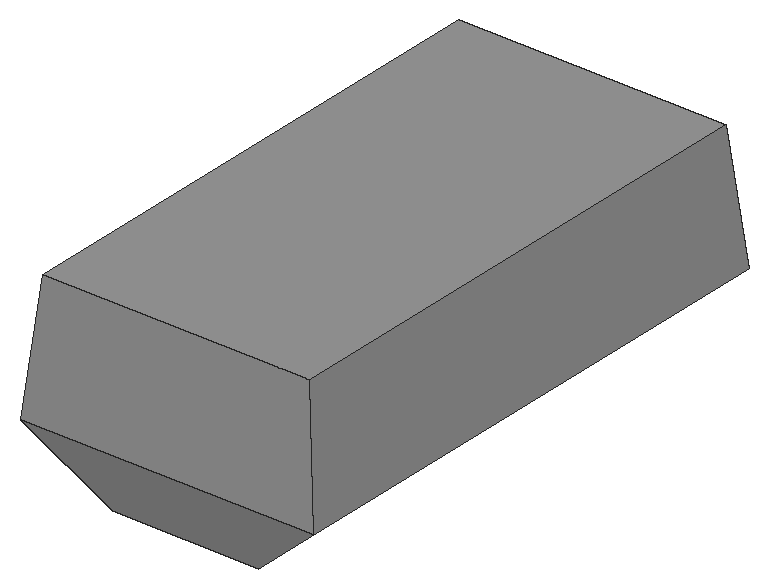
Revit family "AlarmsWirelessMotionSensor", category Security Devices, host Face, Revit 2019
Family settings
  Host = Face
  Maintain Annotation Orientation = Yes
  Round Connector Dimension = Use Diameter
  Part Type = Normal
  Cut with Voids When Loaded = No
  Shared = No
  Room Calculation Point = Yes
Parameters (values of type "BR32")
  Width = 2.0"
  URL = "https://www.verkada.com/alarms/wireless-intrusion-detection/"
  Type Image = BR32.png
  Model = "BR32"
  Manufacturer = "VERKADA"  # constant formula
  Length = 3.69922"
  Height = 1.33"
  Description = "WIRELESS MOTION SENSOR"
  Default Elevation = 96.0"
Reference planes (in)
  plane 1 "Center (Front/Back)": y = 0
  plane 2: z = 0
  plane 3 "Center (Left/Right)": x = 0
  plane 4: x = 1
  plane 5: y = 1.84961
  plane 6: y = -1.84961
  plane 7: x = -1
  plane 8: z = 1.33
Forms (in)
  Blend 1, solid
    base sketch origin (0, 0, 0) x (1, 0, 0) y (0, 1, 0)
      loop
        line (-0.5, 1.69065) -> (-0.5, -1.69065) -> (0.5, -1.69065) -> (0.5, 1.69065) -> (-0.5, 1.69065)
    top sketch origin (0, 0, 0) x (1, 0, 0) y (0, 1, 0)
      loop
        line (-1, 1.84961) -> (-1, -1.84961) -> (1, -1.84961) -> (1, 1.84961) -> (-1, 1.84961)
    from 0 to 0.44925
  Blend 2, solid, material "Verkada White"
    base sketch origin (0, 0, 0) x (1, 0, 0) y (0, 1, 0)
      loop
        line (-1, 1.84961) -> (-1, -1.84961) -> (1, -1.84961) -> (1, 1.84961) -> (-1, 1.84961)
    top sketch origin (0, 0, 0) x (1, 0, 0) y (0, 1, 0)
      loop
        line (-0.91032, 1.77021) -> (-0.91032, -1.77021) -> (0.91032, -1.77021) -> (0.91032, 1.77021) -> (-0.91032, 1.77021)
    from 0.44925 to 1.33 <- "Height"
Dimensions and locks (in)
  equal spacing: plane 7, plane 3 "Center (Left/Right)", plane 4
  "Width": plane 7 to plane 4
  "Height": plane 8 to level
  equal spacing: plane 6, plane 1 "Center (Front/Back)", plane 5
  "Length": plane 6 to plane 5
  equal spacing: Blend 1 sketch curve, plane 3 "Center (Left/Right)", Blend 1 sketch curve
  equal spacing: Blend 1 sketch curve, plane 1 "Center (Front/Back)", Blend 1 sketch curve
  equal spacing: Blend 2 sketch curve, plane 3 "Center (Left/Right)", Blend 2 sketch curve
  equal spacing: Blend 2 sketch curve, plane 1 "Center (Front/Back)", Blend 2 sketch curve
  aligned and locked: plane 2 to host face
  aligned and locked: level to host face
  aligned and locked: Blend 1 sketch curve to plane 6
  aligned and locked: Blend 1 sketch curve to plane 4
  aligned and locked: plane 5 to Blend 1 sketch curve
  aligned and locked: plane 7 to Blend 1 sketch curve
  aligned and locked: Blend 2 sketch curve to Blend 1  (x4)
  aligned and locked: Blend 2 to Blend 1
Automatic sketch dimensions
  host sketch curve to host sketch curve = 96.0"  (x2)
  Blend 1 sketch curve to plane 6 = 0.15896"
  Blend 1 sketch curve to plane 3 "Center (Left/Right)" = 0.5"
  plane 7 to Blend 2 sketch curve = 0.08968"
  Blend 2 sketch curve to plane 6 = 0.0794"
Nested families (in)
  nested 1: "PlanSymbol_MotionSensor" at (0, 0, 0), type "Standard"
Connectors (in)
  electrical at (0, 0, 0)
    settings: index 2, voltage 0 V, apparent load 0 VA, apparent load phase1 0 VA, apparent load phase2 0 VA, apparent load phase3 0 VA, power factor 1, load classification "Other", number of poles 1, system type 10, power factor state 1, is connector primary yes, connector utility no, sub classification motor no, connector description ""
Definition of nested family "PlanSymbol_MotionSensor"
  Reference planes (in)
    plane 1: y = 0
    plane 2: x = 0
  Lines and regions (in)
    Masking region 1
      outline origin (0, 0, 0) x (1, 0, 0) y (0, 1, 0)
        loop
          line (-0.11811, 0.11811) -> (-0.11811, 0) -> (0, 0) -> (-0.11811, 0.11811)
    Masking region 2
      outline origin (0, 0, 0) x (0, 1, 0) y (-1, 0, 0)
        loop
          line (0.11811, -0.11811) -> (0, 0) -> (0, -0.11811) -> (0.11811, -0.11811)
    Masking region 3
      outline origin (0, 0, 0) x (1, 0, 0) y (0, 1, 0)
        loop
          line (-0.11811, 0.23622) -> (-0.11811, 0.11811) -> (0, 0) -> (-0.11811, 0.23622)
    Masking region 4
      outline origin (0, 0, 0) x (0, 1, 0) y (-1, 0, 0)
        loop
          line (0.23622, -0.11811) -> (0, 0) -> (0.11811, -0.11811) -> (0.23622, -0.11811)
    Masking region 5
      outline origin (0, 0, 0) x (1, 0, 0) y (0, 1, 0)
        loop
          line (0, 0) -> (0, 0.23622) -> (-0.11811, 0.23622) -> (0, 0)
    Masking region 6
      outline origin (0, 0, 0) x (0, 1, 0) y (-1, 0, 0)
        loop
          line (0, 0) -> (0.23622, -0.11811) -> (0.23622, 0) -> (0, 0)
